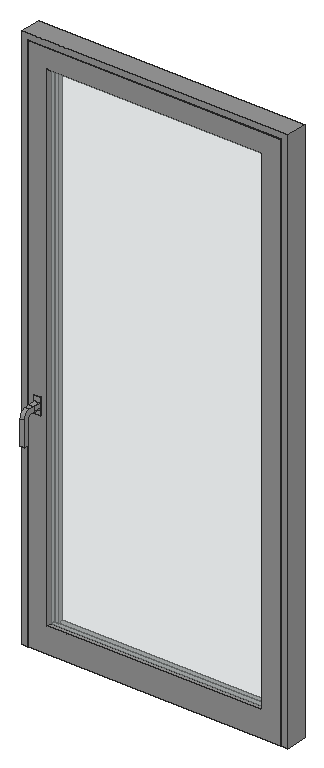
Revit family "Lian - System Door - Inward Opening - Wood", category Doors, host Wall, Revit 2017
Family settings
  Host = Wall
  Always vertical = Yes
  Cut with Voids When Loaded = No
  Shared = No
  Room Calculation Point = No
Parameters
  hosted on bimbear.com® = "www.bimbear.com"
  Width = [02.5 - Door Width]  # 1210 mm
  URL = "http://www.lian.no/"
  Type Comments = "Wood"
  Rough Width = [02 - Opening Width]  # 1250 mm
  Rough Height = [01 - Opening Height]  # 2500 mm
  Opening Lines = yes
  OFS = [07 - Offset] + 1500 mm  # 1500 mm
  Model = "System Door - Inward Opening"
  Manufacturer = "Lian"
  Height = [01.5 - Door Height]  # 2480 mm
  Construction Type = ""
  Assembly Code = ""
  Analytic Construction = "<None>"
  11 - Sound Transmission Class = ""
  10 - Fire Rating = ""
  08 - Sealant Gap = 20 mm
  07 - Offset = 0 mm
  05.5 - Material Glass = Glass
  05.2 - Material Interior Frame = NCS S 0500-N
  05.1 - Material Exterior Frame = RAL 9005
  02.5 - Door Width = [02 - Opening Width] - [08 - Sealant Gap] * 2  # 1210 mm
  02 - Opening Width = 1250 mm
  01.5 - Door Height = [01 - Opening Height] - [08 - Sealant Gap]  # 2480 mm
  01 - Opening Height = 2500 mm
Reference planes
  plane 1 "Wall": y = 0
  plane 2 "Center (Left/Right)": x = 125
  plane 3 "Back": y = 75
  plane 4: x = -500
  plane 5: z = 2500
  plane 6: x = 750
  plane 7: x = -480
  plane 8: z = 0
  plane 9: x = 730
  plane 10: z = 2520
  plane 11 "Vindu": y = 0
  plane 12: y = -1500
  plane 13: z = 900
  plane 14: y = -75
  plane 15: y = -73.225
  plane 16: z = 1250
Forms (mm)
  Sweep 1, solid, material "NCS S 0500-N" <- "05.2 - Material Interior Frame"
    path origin (0, 0, 0) x (0, 0, -1) y (-1, 0, 0)
      loop
        line (0, -730) -> (-2500, -730) -> (-2500, 480) -> (0, 480)
    profile origin (125, 0, 2500) x (0, 0, 1) y (0, 1, 0)
      loop
        line (-57.484, 25.775) -> (-110.912, 25.775) -> (-118.793, 0) -> (-98.003, 0) -> (-98.003, -44) -> (-116, -44) -> (-116, -63.225) -> (-32, -63.225) -> (-32, -56.225) -> (-27, -56.225) -> (-27, -63.225) -> (0, -63.225) -> (0, 31.775) -> (-57.484, 31.775) -> (-57.484, 25.775)
  Extrusion 2, solid, material "NCS S 0500-N" <- "05.2 - Material Interior Frame"
    sketch origin (125, 0, 0) x (0, 1, 0) y (0, 0, 1)
      loop
        line (41.775, 24.771) -> (25.775, 27.997) -> (25.775, 97.412) -> (-44, 97.412) -> (-44, 115) -> (-63.225, 115) -> (-63.225, 0) -> (41.775, 0) -> (41.775, 24.771)
    from -547 to 547
  Extrusion 3, solid, material "Glass" <- "05.5 - Material Glass"
    sketch origin (0, 0, 0) x (1, 0, 0) y (0, 1, 0)
      loop
        line (627.997, 0) -> (-377.997, 0) -> (-377.997, -44) -> (627.997, -44) -> (627.997, 0)
    from 100 to 2397.048
Cuts and joins
  joined: Sweep 1, Extrusion 2
Lines and regions (mm)
  Opening 1
    outline origin (-5000, -75, 0) x (1, 0, 0) y (0, 0, 1)
      loop
        line (5750, 2520) -> (4500, 2520) -> (4500, 0) -> (5750, 0) -> (5750, 2520)
  symbolic lines, detail levels coarse
    curve 1: line (125, -63.225, 0) -> (125, -63.225, 2520)
    curve 2: line (125, 0, 0) -> (125, 0, 2520)
    curve 3: line (730, -1305, 0) -> (730, -75, 0)
    curve 4: arc (-500, -75, 0) -> (-139.741, -944.741, 0) -> (730, -1305, 0) r 1230
  symbolic lines, detail levels medium+fine
    curve 5: arc (-479, -73.225, 0) -> (-132.8, -909.025, 0) -> (703, -1255.225, 0) r 1182
    curve 6: line (703, -1255.225, 0) -> (703, -73.225, 0)
  symbolic lines, style "Opening Lines", visible <- "Opening Lines"
    curve 7: line (-422.516, 0, 1250) -> (692.516, 0, 2442.516)
    curve 8: line (-422.516, 0, 1250) -> (692, 0, 27.997)
    curve 9: line (125, 0, 2442.516) -> (730, 0, 0)
    curve 10: line (-422, 0, 27.997) -> (125, 0, 2442.516)
Text (mm)
  text "Placement Side" at (-1848.837, 1116.779, 0), in view "Ref. Level"
  text "Placement side" at (0, 1409.804, 2854.306), in view "Left"
  text "Placement side" at (0, 499.811, 2980.732), in view "Right"
Dimensions and locks
  locked: plane 3 "Back" to host wall
  equal spacing: plane 6, plane 2 "Center (Left/Right)", plane 4
  "Rough Width": plane 6 to plane 4
  "Rough Height": level to plane 5
  "08 - Sealant Gap": plane 4 to plane 7
  "08 - Sealant Gap": plane 5 to plane 10
  "08 - Sealant Gap": plane 6 to plane 9
  plane 1 "Wall" to plane 12 = 1500 mm
  "OFS": plane 11 "Vindu" to plane 12
  locked: plane 13 to level at 900
  nested 1 to plane 9 = 152.003 mm
  plane 8 to nested 2 = 1000 mm
  plane 9 to nested 2 = 1137.5 mm
  locked: nested 2 to plane 8 at 1000
  plane 7 to nested 1 = 152.003 mm
  plane 5 to nested 5 = 102.952 mm
  plane 8 to nested 5 = 99.629 mm
  locked: plane 7 to Extrusion 3 sketch curve at 102.003
  locked: Extrusion 3 sketch curve to plane 9 at 102.003
  locked: plane 11 "Vindu" to Extrusion 3 sketch curve at 44
  locked: plane 7 to nested 2 at 72.5
  Sweep 1 sketch curve to Sweep 1 sketch curve to profile plane = 5 mm locked, 27 mm locked
  locked: plane 15 to plane 11 "Vindu" at 73.225
  locked: curve 6 to plane 9 at 27
  locked: plane 7 to cut or joined group of Sweep 1, Extrusion 2 at 58
  locked: plane 9 to cut or joined group of Sweep 1, Extrusion 2 at 58
  equal spacing: plane 8, plane 16, plane 5
  locked: plane 5 to nested 5 at 102.952
  locked: plane 5 to Extrusion 3 at 102.952
  aligned and locked: plane 1 "Wall" to host wall
  aligned and locked: Opening 1 sketch curve to plane 6
  aligned and locked: level to Opening 1 sketch curve
  aligned and locked: Opening 1 sketch curve to plane 4
  aligned and locked: Opening 1 sketch curve to plane 10
  aligned and locked: nested 1 to plane 11 "Vindu"
  aligned and locked: level to curve 1
  aligned and locked: plane 8 to curve 2
  aligned and locked: plane 10 to curve 1
  aligned and locked: plane 10 to curve 2
  aligned and locked: nested 3 to plane 5
  aligned and locked: nested 3 to plane 11 "Vindu"
  aligned and locked: plane 11 "Vindu" to nested 4
  aligned and locked: nested 5 to plane 11 "Vindu"
  aligned and locked: plane 8 to nested 4
  aligned and locked: plane 11 "Vindu" to nested 6
  aligned and locked: nested 6 to plane 7
  aligned and locked: plane 11 "Vindu" to nested 7
  aligned and locked: plane 11 "Vindu" to nested 1
  aligned and locked: nested 7 to plane 9
  aligned and locked: Sweep 1 sketch curve to plane 5
  aligned and locked: Sweep 1 sketch curve to plane 9
  aligned and locked: Sweep 1 sketch curve to plane 7
  aligned and locked: nested 5 to Sweep 1 sketch curve
  aligned and locked: plane 5 to Sweep 1
  aligned and locked: curve 1 to Sweep 1
  aligned and locked: plane 11 "Vindu" to Extrusion 3 sketch curve
  aligned and locked: Extrusion 3 to nested 4
  aligned and locked: plane 14 to host wall
  aligned and locked: plane 14 to curve 3
  aligned and locked: curve 3 to plane 9
  aligned and locked: plane 4 to curve 4
  aligned and locked: curve 5 to nested 6
  aligned and locked: plane 15 to curve 5
  aligned and locked: plane 15 to curve 6
  aligned and locked: nested 3 to host wall
  aligned and locked: Sweep 1 sketch curve to nested 3  (x2)
  aligned and locked: cut or joined group of Sweep 1, Extrusion 2 to curve 8
  aligned and locked: cut or joined group of Sweep 1, Extrusion 2 to curve 9
  aligned and locked: plane 8 to curve 9
  aligned and locked: cut or joined group of Sweep 1, Extrusion 2 to curve 10  (x2)
  aligned and locked: plane 2 "Center (Left/Right)" to curve 10
Automatic sketch dimensions
  curve 2 to host wall = 0 mm
  Sweep 1 sketch curve to level = 0 mm  (x2)
  Extrusion 2 sketch curve to level = 0 mm
  Extrusion 2 sketch curve to plane 11 "Vindu" = 44 mm
  Extrusion 2 sketch curve to Extrusion 2 sketch curve = 19.225 mm
  plane 11 "Vindu" to Extrusion 2 sketch curve = 25.775 mm
  plane 11 "Vindu" to Extrusion 2 sketch curve = 41.775 mm
  level to Extrusion 2 sketch curve = 24.771 mm
  Extrusion 2 sketch curve to Extrusion 2 sketch curve = 69.415 mm
  Extrusion 2 sketch curve to Extrusion 2 sketch curve = 17.588 mm
  host wall to curve 4 = 0 mm
  profile plane to Sweep 1 sketch curve = 0 mm
  Sweep 1 sketch curve to Sweep 1 sketch curve = 19.225 mm
  Sweep 1 sketch curve to Sweep 1 sketch curve = 7 mm
  Sweep 1 sketch curve to Sweep 1 sketch curve = 6 mm
  plane 11 "Vindu" to Sweep 1 sketch curve = 0 mm
  plane 11 "Vindu" to Sweep 1 sketch curve = 25.775 mm
  Sweep 1 sketch curve to Sweep 1 sketch curve = 17.997 mm
  Sweep 1 sketch curve to Sweep 1 sketch curve = 40.518 mm
  Sweep 1 sketch curve to Sweep 1 sketch curve = 20.79 mm
  Extrusion 2 sketch curve to Extrusion 2 sketch curve = 3.226 mm
  curve 8 to plane 16 = 0 mm
  curve 7 to plane 5 = 57.484 mm
  level to curve 8 = 27.997 mm
  curve 7 to plane 9 = 37.484 mm
  curve 8 to plane 9 = 38 mm
  curve 10 to plane 7 = 58 mm
Nested families
  nested 1: "3Glass2D" at (-327.997, 0, 0) x (0, -1, 0) z (0, 0, 1), type "3Glass2D"
    with h 905.994 mm
  nested 2: "Håndtak" at (-407.5, -63.225, 1000) x (0, 0, -1) z (0, -1, 0), type "Håndtak"
  nested 3: "SD-T-12" at (96.985, 0, 2500) x (0, 1, 0) z (1, 0, 0), type "SD-T-12"
  nested 4: "SD-T-6" at (96.985, 0, 0) x (0, 1, 0) z (1, 0, 0), type "SD-T-6"
  nested 5: "3Glass2D" at (96.985, 0, 99.629) x (0, -1, 0) z (-1, 0, 0), type "3Glass2D"
    with h 2297.419 mm
  nested 6: "SD-T-12" at (-480, 0, 0) x (0, 1, 0) z (0, 0, 1), type "SD-T-12"
  nested 7: "SD-T-12" at (730, 0, 0) x (0, 1, 0) z (0, 0, -1), type "SD-T-12"
Definition of nested family "Håndtak"
  Parameters (values of type "Håndtak")
    Default Elevation = 1219.2 mm
  Reference planes
    plane 1 "Center (Front/Back)": y = 0
    plane 2: z = 0
    plane 3 "Center (Left/Right)": x = 0
  Forms (mm)
    Extrusion 1, solid
      sketch origin (0, 0, 0) x (1, 0, 0) y (0, 1, 0)
        loop
          line (-1219.2, 1219.2) -> (-1219.2, -1219.2) -> (1219.2, -1219.2) -> (1219.2, 1219.2) -> (-1219.2, 1219.2)
      from 0 to -304.8
    Blend 2, solid
      base sketch origin (0, 0, 0) x (1, 0, 0) y (0, 1, 0)
        loop
          arc (14, 9.662) -> (13.169, 11.669) -> (11.162, 12.5) r 2.838
          line (11.162, 12.5) -> (-11.162, 12.5)
          arc (-11.162, 12.5) -> (-13.169, 11.669) -> (-14, 9.662) r 2.838
          line (-14, 9.662) -> (-14, -9.662)
          arc (-14, -9.662) -> (-13.169, -11.669) -> (-11.162, -12.5) r 2.838
          line (-11.162, -12.5) -> (11.162, -12.5)
          arc (11.162, -12.5) -> (13.169, -11.669) -> (14, -9.662) r 2.838
          line (14, -9.662) -> (14, 9.662)
      top sketch origin (0, 0, 0) x (1, 0, 0) y (0, 1, 0)
        loop
          line (11, 9.5) -> (-11, 9.5) -> (-11, -9.5) -> (11, -9.5) -> (11, 9.5)
      from 0 to 35.908
    Sweep 3, solid
      path origin (0, 0, 0) x (1, 0, 0) y (0, 0, 1)
        loop
          line (0, 35.908) -> (0, 55.908)
          arc (0, 55.908) -> (5.858, 70.05) -> (20, 75.908) r 20
          line (20, 75.908) -> (133, 75.908)
      profile origin (0, 0, 45.908) x (-1, 0, 0) y (0, -1, 0)
        loop
          line (-11, -9.5) -> (11, -9.5) -> (11, 9.5) -> (-11, 9.5) -> (-11, -9.5)
    Extrusion 4, solid
      sketch origin (0, 0, 0) x (1, 0, 0) y (0, 1, 0)
        loop
          line (-36.932, 15.592) -> (-36.932, -15.658) -> (38.068, -15.658) -> (38.068, 15.592) -> (-36.932, 15.592)
      from 0 to 2.754
  Cuts and joins
    joined: Blend 2, Sweep 3, Extrusion 4
  Dimensions and locks
    aligned and locked: plane 2 to Extrusion 1
    aligned and locked: level to Extrusion 1
Definition of nested family "3Glass2D"
  Parameters (values of type "3Glass2D")
    h [instance] = 126.931 mm
  Reference planes
    plane 1 "Center (Front/Back)": y = 0
    plane 2: z = 0
    plane 3 "Center (Left/Right)": x = 0
    plane 4: y = 126.931
    plane 5: y = -41
    plane 6: y = 167.931
    plane 7: y = -4
    plane 8: y = 130.931
  Lines and regions (mm)
    Filled region 1, type "Glass Hatch", in view "Ref. Level", detail levels fine
      outline origin (305.983, -18.8, 0) x (1, 0, 0) y (0, 1, 0)
        loop
          line (-261.983, 18.8) -> (-261.983, 145.731) -> (-265.983, 145.731) -> (-265.983, 18.8) -> (-261.983, 18.8)
        loop
          line (-281.983, 18.8) -> (-281.983, 145.731) -> (-285.983, 145.731) -> (-285.983, 18.8) -> (-281.983, 18.8)
        loop
          line (-301.983, 18.8) -> (-301.983, 145.731) -> (-305.983, 145.731) -> (-305.983, 18.8) -> (-301.983, 18.8)
    Masking region 1, in view "Ref. Level", detail levels medium
      outline origin (0, 0, 0) x (1, 0, 0) y (0, 1, 0)
        loop
          line (44, -4) -> (44, 130.931) -> (0, 130.931) -> (0, -4) -> (44, -4)
    Masking region 2, in view "Ref. Level", detail levels fine
      outline origin (0, 0, 0) x (1, 0, 0) y (0, 1, 0)
        loop
          line (4, 12) -> (4, 0) -> (20, 0) -> (20, 12) -> (4, 12)
        loop
          line (6, 10) -> (6, 2) -> (18, 2) -> (18, 10) -> (6, 10)
        loop
          line (24, 12) -> (24, 0) -> (40, 0) -> (40, 12) -> (24, 12)
        loop
          line (38, 2) -> (38, 10) -> (26, 10) -> (26, 2) -> (38, 2)
    Masking region 3, in view "Ref. Level", detail levels fine
      outline origin (0, 126.931, 0) x (0, -1, 0) y (1, 0, 0)
        loop
          line (12, 4) -> (12, 20) -> (0, 20) -> (0, 4) -> (12, 4)
        loop
          line (10, 6) -> (10, 18) -> (2, 18) -> (2, 6) -> (10, 6)
        loop
          line (12, 24) -> (12, 40) -> (0, 40) -> (0, 24) -> (12, 24)
        loop
          line (2, 38) -> (2, 26) -> (10, 26) -> (10, 38) -> (2, 38)
  Dimensions and locks
    "h": plane 1 "Center (Front/Back)" to plane 4
    locked: plane 6 to plane 4 at 41
    locked: plane 8 to plane 4 at 4
    locked: plane 7 to plane 1 "Center (Front/Back)" at 4
    aligned and locked: plane 4 to Filled region 1  (x3)
    aligned and locked: plane 1 "Center (Front/Back)" to Filled region 1  (x3)
    aligned and locked: Filled region 1 sketch curve to plane 1 "Center (Front/Back)"  (x3)
    aligned and locked: Masking region 1 to plane 8
  Automatic sketch dimensions
    Filled region 1 sketch curve to plane 3 "Center (Left/Right)" = 0 mm
    Filled region 1 sketch curve to plane 4 = 0 mm  (x3)
    plane 3 "Center (Left/Right)" to Filled region 1 sketch curve = 4 mm
    Filled region 1 sketch curve to Filled region 1 sketch curve = 16 mm  (x2)
    Filled region 1 sketch curve to Filled region 1 sketch curve = 4 mm  (x2)
    Masking region 1 sketch curve to plane 3 "Center (Left/Right)" = 0 mm
    plane 3 "Center (Left/Right)" to Masking region 1 sketch curve = 44 mm
    plane 1 "Center (Front/Back)" to Masking region 2 sketch curve = 0 mm  (x2)
    plane 3 "Center (Left/Right)" to Masking region 2 sketch curve = 4 mm
    Masking region 2 sketch curve to Masking region 2 sketch curve = 2 mm  (x6)
    Masking region 2 sketch curve to Masking region 2 sketch curve = 12 mm  (x2)
    Masking region 2 sketch curve to Masking region 2 sketch curve = 4 mm
    Masking region 2 sketch curve to plane 1 "Center (Front/Back)" = 2 mm  (x2)
    Masking region 2 sketch curve to Masking region 2 sketch curve = 8 mm  (x2)
    Masking region 3 sketch curve to plane 4 = 0 mm  (x2)
    Masking region 3 sketch curve to plane 4 = 2 mm  (x2)
    Masking region 3 sketch curve to Masking region 3 sketch curve = 8 mm  (x2)
    Masking region 3 sketch curve to Masking region 3 sketch curve = 2 mm  (x6)
    plane 3 "Center (Left/Right)" to Masking region 3 sketch curve = 4 mm
    Masking region 3 sketch curve to Masking region 3 sketch curve = 12 mm  (x2)
    Masking region 3 sketch curve to Masking region 3 sketch curve = 4 mm
    plane 7 to Masking region 1 sketch curve = 0 mm
    plane 4 to Masking region 1 sketch curve = 4 mm
Definition of nested family "SD-T-12"
  Reference planes
    plane 1 "Center (Front/Back)": y = 0
    plane 2: z = 0
    plane 3 "Center (Left/Right)": x = 0
  Lines and regions (mm)
    Filled region 1, type "LianTre", in view "Ref. Level", detail levels fine
      outline origin (632.502, -211.023, 0) x (0, 1, 0) y (-1, 0, 0)
        loop
          arc (156.023, 602.727) -> (156.609, 601.313) -> (158.023, 600.727) r 2
          line (158.023, 600.727) -> (209.023, 600.727)
          arc (209.023, 600.727) -> (210.437, 601.313) -> (211.023, 602.727) r 2
          line (211.023, 602.727) -> (211.023, 630.727) -> (210.023, 630.727) -> (210.023, 632.727)
          arc (210.023, 632.727) -> (209.144, 634.848) -> (207.023, 635.727) r 3
          line (207.023, 635.727) -> (203.023, 635.727) -> (203.023, 642.727) -> (207.023, 642.727)
          arc (207.023, 642.727) -> (209.144, 643.606) -> (210.023, 645.727) r 3
          line (210.023, 645.727) -> (210.023, 680.727) -> (211.023, 680.727) -> (211.023, 693.727)
          arc (211.023, 693.727) -> (210.437, 695.141) -> (209.023, 695.727) r 2
          line (209.023, 695.727) -> (203.023, 695.727)
          arc (203.023, 695.727) -> (202.316, 695.434) -> (202.023, 694.727) r 1
          line (202.023, 694.727) -> (202.023, 686.727) -> (192.023, 686.727) -> (192.023, 695.727) -> (186.023, 695.727)
          arc (186.023, 695.727) -> (184.609, 695.141) -> (184.023, 693.727) r 2
          line (184.023, 693.727) -> (184.023, 670.727) -> (177.023, 670.727)
          arc (177.023, 670.727) -> (176.316, 670.434) -> (176.023, 669.727) r 1
          line (176.023, 669.727) -> (176.023, 648.727) -> (165.023, 648.727)
          arc (165.023, 648.727) -> (164.316, 648.434) -> (164.023, 647.727) r 1
          line (164.023, 647.727) -> (164.023, 641.727)
          arc (164.023, 641.727) -> (164.316, 641.02) -> (165.023, 640.727) r 1
          line (165.023, 640.727) -> (169.023, 640.727) -> (169.023, 632.727) -> (165.023, 632.727)
          arc (165.023, 632.727) -> (164.316, 632.434) -> (164.023, 631.727) r 1
          line (164.023, 631.727) -> (164.023, 624.727) -> (157.023, 624.727)
          arc (157.023, 624.727) -> (156.316, 624.434) -> (156.023, 623.727) r 1
          line (156.023, 623.727) -> (156.023, 602.727)
    Filled region 2, type "LianTre", in view "Ref. Level", detail levels fine
      outline origin (10, 0, 0) x (1, 0, 0) y (0, 1, 0)
        loop
          arc (-71.225, -32) -> (-72.639, -32.586) -> (-73.225, -34) r 2
          line (-73.225, -34) -> (-73.225, -110.634)
          arc (-73.225, -110.634) -> (-72.932, -111.342) -> (-72.225, -111.634) r 1
          line (-72.225, -111.634) -> (-70.225, -111.634) -> (-70.225, -114)
          arc (-70.225, -114) -> (-69.639, -115.414) -> (-68.225, -116) r 2
          line (-68.225, -116) -> (-57.891, -116)
          arc (-57.891, -116) -> (-57.234, -115.682) -> (-56.967, -115.003) r 1
          line (-56.967, -115.003) -> (-56.967, -110.503) -> (-60.467, -110.503) -> (-60.467, -107.503) -> (-56.967, -107.503) -> (-56.967, -98.003) -> (13.775, -98.003)
          arc (13.775, -98.003) -> (15.189, -97.417) -> (15.775, -96.003) r 2
          line (15.775, -96.003) -> (15.775, -60.938)
          arc (15.775, -60.938) -> (15.258, -59.596) -> (13.974, -58.948) r 2
          line (13.974, -58.948) -> (6.775, -58.229) -> (6.775, -54.151)
          arc (6.775, -54.151) -> (6.516, -53.48) -> (5.874, -53.156) r 1
          line (5.874, -53.156) -> (0.524, -52.622)
          arc (0.524, -52.622) -> (-0.246, -52.876) -> (-0.575, -53.617) r 1
          line (-0.575, -53.617) -> (-0.575, -55.457)
          arc (-0.575, -55.457) -> (-0.868, -56.164) -> (-1.575, -56.457) r 1
          line (-1.575, -56.457) -> (-7.575, -56.457)
          arc (-7.575, -56.457) -> (-8.282, -56.164) -> (-8.575, -55.457) r 1
          line (-8.575, -55.457) -> (-8.575, -52.62)
          arc (-8.575, -52.62) -> (-8.834, -51.949) -> (-9.475, -51.625) r 1
          line (-9.475, -51.625) -> (-16.125, -50.96)
          arc (-16.125, -50.96) -> (-16.896, -51.213) -> (-17.225, -51.955) r 1
          line (-17.225, -51.955) -> (-17.225, -58) -> (-21.225, -58) -> (-21.225, -40)
          arc (-21.225, -40) -> (-21.518, -39.293) -> (-22.225, -39) r 1
          line (-22.225, -39) -> (-32.6, -39) -> (-32.6, -44.321) -> (-36.1, -44.321) -> (-36.1, -39) -> (-56.225, -39) -> (-56.225, -33)
          arc (-56.225, -33) -> (-56.518, -32.293) -> (-57.225, -32) r 1
          line (-57.225, -32) -> (-71.225, -32)
    Filled region 3, type "Solid Fill - Black", in view "Ref. Level", detail levels fine
      outline origin (-42.31, -37.1, 0) x (1, 0, 0) y (0, 1, 0)
        loop
          line (-7.237, -71.113) -> (-6.903, -70.397) -> (-7.66, -70.836) -> (-8.155, -71.897) -> (-7.69, -72.893) -> (-6.903, -73.397) -> (-7.237, -72.682) -> (-6.246, -72.682) -> (-4.737, -72.978) -> (-4.655, -78.839) -> (-1.655, -80.365) -> (-2.832, -78.891) -> (-2.855, -73.689) -> (-1.68, -73.92) -> (-2.841, -71.921) -> (-2.855, -68.966) -> (-1.69, -67.509) -> (-4.605, -68.868) -> (-4.655, -70.717) -> (-6.175, -71.069) -> (-7.237, -71.113)
    Filled region 4, type "Solid Fill - Black", in view "Ref. Level", detail levels fine
      outline origin (-23.569, -0.325, 0) x (0, 1, 0) y (-1, 0, 0)
        loop
          line (-55.257, -13.332) -> (-51.675, -13.332)
          arc (-51.675, -13.332) -> (-51.322, -13.479) -> (-51.175, -13.832) r 0.5
          line (-51.175, -13.832) -> (-51.175, -16.344)
          arc (-51.175, -16.344) -> (-50.882, -17.051) -> (-50.175, -17.344) r 1
          arc (-50.175, -17.344) -> (-45.425, -16.939) -> (-40.675, -17.344) r 28.057
          arc (-40.675, -17.344) -> (-39.261, -16.758) -> (-38.675, -15.344) r 2
          line (-38.675, -15.344) -> (-38.675, -12.844)
          arc (-38.675, -12.844) -> (-38.822, -12.491) -> (-39.176, -12.344) r 0.5
          line (-39.176, -12.344) -> (-56.258, -12.356) -> (-57.675, -12.844) -> (-54.476, -16.043) -> (-57.032, -12.844) -> (-55.257, -13.332)
    Masking region 1, in view "Ref. Level", detail levels medium
      outline origin (0, 0, 0) x (1, 0, 0) y (0, 1, 0)
        loop
          line (31.775, 0) -> (-63.225, 0) -> (-63.225, -33.633) -> (-16.225, -33.633) -> (-16.225, -57.484) -> (31.775, -57.484) -> (31.775, 0)
    Masking region 2, in view "Ref. Level", detail levels medium
      outline origin (10, 0, 0) x (1, 0, 0) y (0, 1, 0)
        loop
          line (-73.225, -33.633) -> (-73.225, -116) -> (-54, -116) -> (-54, -98.003) -> (-10, -98.003) -> (-10, -118.793) -> (15.775, -110.912) -> (15.775, -57.484) -> (-16.225, -57.484) -> (-16.225, -33.633) -> (-73.225, -33.633)
    Filled region 5, type "Solid Fill - Black", in view "Ref. Level", detail levels fine
      outline origin (-1.655, -38.627, 0) x (0, 1, 0) y (-1, 0, 0)
        loop
          line (-71.113, -7.237) -> (-71.069, -6.175) -> (-70.717, -4.655) -> (-68.868, -4.605) -> (-67.509, -1.69) -> (-68.966, -2.855) -> (-71.921, -2.841) -> (-73.92, -1.68) -> (-73.689, -2.855) -> (-78.891, -2.832) -> (-80.365, -1.655) -> (-78.839, -4.655) -> (-72.978, -4.737) -> (-72.682, -6.246) -> (-72.682, -7.237) -> (-73.397, -6.903) -> (-72.893, -7.69) -> (-71.897, -8.155) -> (-70.836, -7.66) -> (-70.397, -6.903) -> (-71.113, -7.237)
    detail lines, in view "Ref. Level", detail levels fine
      curve 1: line (-44, -102.003, 0) -> (-44, -98.003, 0)
      curve 2: line (0, -102.003, 0) -> (0, -98.003, 0)
      curve 3: line (0, -102.003, 0) -> (-44, -98.003, 0)
      curve 4: line (-44, -102.003, 0) -> (0, -98.003, 0)
      curve 5: arc (3, -116.524, 0) -> (3.405, -117.328, 0) -> (4.292, -117.48, 0) r 1
      curve 6: arc (19.462, -112.843, 0) -> (22.019, -111.035, 0) -> (23, -108.061, 0) r 5
      curve 7: line (23, -108.061, 0) -> (23, -101.524, 0)
      curve 8: line (23, -101.524, 0) -> (20, -101.524, 0)
      curve 9: line (20, -101.524, 0) -> (20, -98.003, 0)
      curve 10: line (3, -98.003, 0) -> (3, -109.024, 0)
      curve 11: line (3, -109.024, 0) -> (6.5, -109.024, 0)
      curve 12: line (6.5, -109.024, 0) -> (6.5, -112.024, 0)
      curve 13: line (6.5, -112.024, 0) -> (3, -112.024, 0)
      curve 14: line (3, -112.024, 0) -> (3, -116.524, 0)
      curve 15: line (4.292, -117.48, 0) -> (19.462, -112.843, 0)
Definition of nested family "SD-T-6"
  Reference planes
    plane 1 "Center (Front/Back)": y = 0
    plane 2: z = 0
    plane 3 "Center (Left/Right)": x = 0
  Lines and regions (mm)
    Filled region 1, type "LianTre", in view "Ref. Level", detail levels fine
      outline origin (642.277, 211.023, 0) x (-1, 0, 0) y (0, -1, 0)
        loop
          arc (621.502, 211.023) -> (620.088, 210.437) -> (619.502, 209.023) r 2
          line (619.502, 209.023) -> (619.502, 197.023) -> (615.502, 197.023) -> (615.502, 204.405) -> (603.02, 207.75)
          arc (603.02, 207.75) -> (601.285, 207.405) -> (600.502, 205.818) r 2
          line (600.502, 205.818) -> (600.502, 187.889)
          arc (600.502, 187.889) -> (600.954, 186.622) -> (602.107, 185.928) r 2
          line (602.107, 185.928) -> (630.502, 180.203) -> (630.502, 173.12)
          arc (630.502, 173.12) -> (630.765, 172.445) -> (631.415, 172.124) r 1
          line (631.415, 172.124) -> (644.002, 171.023) -> (644.002, 166.023) -> (646.502, 166.023)
          arc (646.502, 166.023) -> (647.916, 166.609) -> (648.502, 168.023) r 2
          line (648.502, 168.023) -> (648.502, 178.023) -> (669.502, 178.023)
          arc (669.502, 178.023) -> (670.209, 178.316) -> (670.502, 179.023) r 1
          line (670.502, 179.023) -> (670.502, 186.023) -> (703.727, 186.023)
          arc (703.727, 186.023) -> (705.141, 186.609) -> (705.727, 188.023) r 2
          line (705.727, 188.023) -> (705.727, 192.023) -> (696.727, 192.023) -> (696.727, 202.023) -> (704.727, 202.023)
          arc (704.727, 202.023) -> (705.434, 202.316) -> (705.727, 203.023) r 1
          line (705.727, 203.023) -> (705.727, 209.023)
          arc (705.727, 209.023) -> (705.141, 210.437) -> (703.727, 211.023) r 2
          line (703.727, 211.023) -> (690.727, 211.023) -> (690.727, 210.023) -> (645.727, 210.023)
          arc (645.727, 210.023) -> (643.606, 209.144) -> (642.727, 207.023) r 3
          line (642.727, 207.023) -> (642.727, 203.023) -> (635.727, 203.023) -> (635.727, 207.023)
          arc (635.727, 207.023) -> (634.848, 209.144) -> (632.727, 210.023) r 3
          line (632.727, 210.023) -> (630.727, 210.023) -> (630.727, 211.023) -> (621.502, 211.023)
    Filled region 2, type "LianTre", in view "Ref. Level", detail levels fine
      outline origin (9.775, -2.003, 0) x (0, -1, 0) y (1, 0, 0)
        loop
          line (-32, -71) -> (-32, -57.225)
          arc (-32, -57.225) -> (-32.293, -56.518) -> (-33, -56.225) r 1
          line (-33, -56.225) -> (-39, -56.225) -> (-39, -35.875) -> (-44.321, -35.875) -> (-44.321, -32.375) -> (-39, -32.375) -> (-39, -22.225)
          arc (-39, -22.225) -> (-39.293, -21.518) -> (-40, -21.225) r 1
          line (-40, -21.225) -> (-58, -21.225) -> (-58, -17.225) -> (-51.955, -17.225)
          arc (-51.955, -17.225) -> (-51.213, -16.896) -> (-50.96, -16.125) r 1
          line (-50.96, -16.125) -> (-51.625, -9.475)
          arc (-51.625, -9.475) -> (-51.949, -8.834) -> (-52.62, -8.575) r 1
          line (-52.62, -8.575) -> (-55.457, -8.575)
          arc (-55.457, -8.575) -> (-56.164, -8.282) -> (-56.457, -7.575) r 1
          line (-56.457, -7.575) -> (-56.457, -1.575)
          arc (-56.457, -1.575) -> (-56.164, -0.868) -> (-55.457, -0.575) r 1
          line (-55.457, -0.575) -> (-53.617, -0.575)
          arc (-53.617, -0.575) -> (-52.876, -0.246) -> (-52.622, 0.524) r 1
          line (-52.622, 0.524) -> (-53.156, 5.874)
          arc (-53.156, 5.874) -> (-53.48, 6.516) -> (-54.151, 6.775) r 1
          line (-54.151, 6.775) -> (-58.229, 6.775) -> (-58.97, 14.199)
          arc (-58.97, 14.199) -> (-59.618, 15.483) -> (-60.96, 16) r 2
          line (-60.96, 16) -> (-88.634, 16)
          arc (-88.634, 16) -> (-90.292, 15.372) -> (-91.118, 13.802) r 2.503
          line (-91.118, 13.802) -> (-99.811, -57) -> (-107.503, -57) -> (-107.503, -60.275) -> (-110.503, -60.275) -> (-110.503, -57) -> (-115.003, -57)
          arc (-115.003, -57) -> (-115.682, -57.266) -> (-116, -57.924) r 1
          line (-116, -57.924) -> (-116, -68)
          arc (-116, -68) -> (-115.414, -69.414) -> (-114, -70) r 2
          line (-114, -70) -> (-111.634, -70) -> (-111.634, -72)
          arc (-111.634, -72) -> (-111.342, -72.707) -> (-110.634, -73) r 1
          line (-110.634, -73) -> (-34, -73)
          arc (-34, -73) -> (-32.586, -72.414) -> (-32, -71) r 2
    Masking region 1, in view "Ref. Level", detail levels fine
      outline origin (-88.215, -384.056, 0) x (1, 0, 0) y (0, 1, 0)
        loop
          line (110.99, 417.587) -> (110.99, 423.299) -> (126.99, 416.508) -> (126.99, 413.744) -> (128.49, 413.744) -> (128.49, 417.5) -> (110.99, 424.929) -> (110.99, 431.286) -> (107.99, 435.57) -> (107.99, 437.044) -> (106.49, 437.044) -> (106.49, 435.097) -> (109.49, 430.813) -> (109.49, 423.549) -> (87.99, 425.43) -> (87.99, 429.044) -> (86.49, 429.044) -> (86.49, 424.056) -> (109.49, 422.044) -> (109.49, 417.587) -> (110.99, 417.587)
    Filled region 3, type "Solid Fill - Black", in view "Ref. Level", detail levels fine
      outline origin (-1.43, 33.655, 0) x (-1, 0, 0) y (0, -1, 0)
        loop
          line (-7.237, -71.113) -> (-6.903, -70.397) -> (-7.66, -70.836) -> (-8.155, -71.897) -> (-7.69, -72.893) -> (-6.903, -73.397) -> (-7.237, -72.682) -> (-6.246, -72.682) -> (-4.737, -72.978) -> (-4.655, -78.839) -> (-1.655, -80.365) -> (-2.832, -78.891) -> (-2.855, -73.689) -> (-1.68, -73.92) -> (-2.841, -71.921) -> (-2.855, -68.966) -> (-1.69, -67.509) -> (-4.605, -68.868) -> (-4.655, -70.717) -> (-6.175, -71.069) -> (-7.237, -71.113)
    Filled region 4, type "Solid Fill - Black", in view "Ref. Level", detail levels fine
      outline origin (-42.345, 35.103, 0) x (0, -1, 0) y (1, 0, 0)
        loop
          line (-71.113, -7.237) -> (-71.069, -6.175) -> (-70.717, -4.655) -> (-68.868, -4.605) -> (-67.509, -1.69) -> (-68.966, -2.855) -> (-71.921, -2.841) -> (-73.92, -1.68) -> (-73.689, -2.855) -> (-78.891, -2.832) -> (-80.365, -1.655) -> (-78.839, -4.655) -> (-72.978, -4.737) -> (-72.682, -6.246) -> (-72.682, -7.237) -> (-73.397, -6.903) -> (-72.893, -7.69) -> (-71.897, -8.155) -> (-70.836, -7.66) -> (-70.397, -6.903) -> (-71.113, -7.237)
    Filled region 5, type "Solid Fill - Black", in view "Ref. Level", detail levels fine
      outline origin (-23.794, -1.55, 0) x (-1, 0, 0) y (0, -1, 0)
        loop
          line (-13.332, -55.257) -> (-12.844, -57.032) -> (-16.043, -54.476) -> (-12.844, -57.675) -> (-12.356, -56.258) -> (-12.344, -39.176)
          arc (-12.344, -39.176) -> (-12.491, -38.822) -> (-12.844, -38.675) r 0.5
          line (-12.844, -38.675) -> (-15.344, -38.675)
          arc (-15.344, -38.675) -> (-16.758, -39.261) -> (-17.344, -40.675) r 2
          arc (-17.344, -40.675) -> (-16.939, -45.425) -> (-17.344, -50.175) r 28.057
          arc (-17.344, -50.175) -> (-17.051, -50.882) -> (-16.344, -51.175) r 1
          line (-16.344, -51.175) -> (-13.832, -51.175)
          arc (-13.832, -51.175) -> (-13.479, -51.322) -> (-13.332, -51.675) r 0.5
          line (-13.332, -51.675) -> (-13.332, -55.257)
    Masking region 2, in view "Ref. Level", detail levels medium
      outline origin (0, 0, 0) x (0, -1, 0) y (1, 0, 0)
        loop
          line (0, 41.775) -> (-50.514, 41.775) -> (-50.514, -16.225) -> (-32.997, -16.225) -> (-32.997, -63.225) -> (0, -63.225) -> (0, 41.775)
    Masking region 3, in view "Ref. Level", detail levels medium
      outline origin (0, -2.374, 0) x (0, -1, 0) y (1, 0, 0)
        loop
          line (-35.371, -63.225) -> (-35.371, -16.225) -> (-52.888, -16.225) -> (-52.888, 25.775) -> (-111.463, 25.775) -> (-114.628, 0) -> (-98.003, 0) -> (-98.003, -44) -> (-116.371, -44) -> (-116.371, -63.225) -> (-35.371, -63.225)
    Masking region 4, in view "Ref. Level", detail levels fine
      outline origin (40.316, 128.058, 0) x (1, 0, 0) y (0, 1, 0)
        loop
          line (-36.096, -33.996) -> (-38.1, -25.19) -> (-39.096, -25.19) -> (-39.096, -36.198) -> (-15.214, -39.131) -> (-15.214, -34.118) -> (-14.229, -33.944) -> (-15.311, -26.962) -> (-17.714, -26.962) -> (-17.714, -36.365) -> (-30.096, -34.731) -> (-30.096, -25.867) -> (-31.09, -25.763) -> (-33.596, -31.295) -> (-33.596, -32.295) -> (-32.777, -32.403) -> (-33.08, -33.677)
          arc (-33.08, -33.677) -> (-33.359, -34.092) -> (-33.843, -34.22) r 0.712
          line (-33.843, -34.22) -> (-36.096, -33.996)
    Masking region 5, in view "Ref. Level", detail levels fine
      outline origin (90.169, 155.693, 0) x (1, 0, 0) y (0, 1, 0)
        loop
          line (-84.341, -47.416) -> (-85.449, -47.416)
          arc (-85.449, -47.416) -> (-85.803, -47.27) -> (-85.949, -46.916) r 0.5
          line (-85.949, -46.916) -> (-85.949, -45.332)
          arc (-85.949, -45.332) -> (-85.753, -44.935) -> (-85.32, -44.849) r 0.5
          line (-85.32, -44.849) -> (-83.334, -45.381) -> (-83.118, -46.187) -> (-82.128, -46.187) -> (-82.128, -44.669) -> (-86.32, -43.546)
          arc (-86.32, -43.546) -> (-86.753, -43.632) -> (-86.949, -44.029) r 0.5
          line (-86.949, -44.029) -> (-86.949, -48.58)
          arc (-86.949, -48.58) -> (-86.593, -49.128) -> (-85.948, -49.026) r 0.6
          arc (-85.948, -49.026) -> (-83.544, -49.603) -> (-84.944, -51.641) r 1.5
          line (-84.944, -51.641) -> (-86.449, -51.641)
          arc (-86.449, -51.641) -> (-86.803, -51.787) -> (-86.949, -52.141) r 0.5
          arc (-86.949, -52.141) -> (-86.803, -52.494) -> (-86.449, -52.641) r 0.5
          line (-86.449, -52.641) -> (-84.949, -52.641)
          arc (-84.949, -52.641) -> (-84.595, -52.787) -> (-84.449, -53.141) r 0.5
          line (-84.449, -53.141) -> (-84.449, -60.429)
          arc (-84.449, -60.429) -> (-84.303, -60.783) -> (-83.949, -60.929) r 0.5
          line (-83.949, -60.929) -> (-82.949, -60.929) -> (-82.63, -60.037) -> (-83.449, -59.929) -> (-83.449, -52.145)
          arc (-83.449, -52.145) -> (-82.554, -50.873) -> (-82.583, -49.318) r 2.5
          line (-82.583, -49.318) -> (-53.949, -58.177) -> (-53.949, -68.987)
          arc (-53.949, -68.987) -> (-53.449, -69.487) -> (-52.949, -68.987) r 0.5
          line (-52.949, -68.987) -> (-52.949, -57.544) -> (-84.341, -47.416)
    detail lines, in view "Ref. Level", detail levels fine
      curve 1: line (-44, 100, 0) -> (-44, 97.412, 0)
      curve 2: line (0, 100, 0) -> (0, 92.01, 0)
      curve 3: line (0, 100, 0) -> (-44, 97.412, 0)
      curve 4: line (-44, 100, 0) -> (0, 92.01, 0)
      curve 5: line (-44, 100, 0) -> (0, 100, 0)
